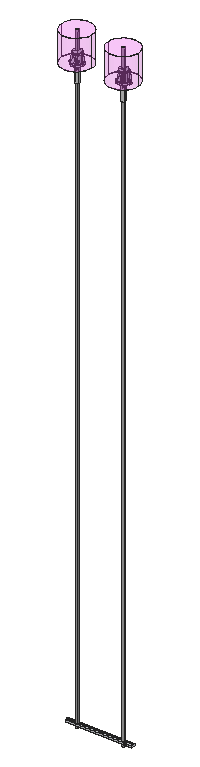
Revit family "TRAPEZE HANGER - PIPES & CONDUIT", category Generic Models, Revit 2019
Family settings
  Can host rebar = No
  Round Connector Dimension = Use Diameter
  Part Type = Normal
  Work Plane-Based = No
  Always vertical = Yes
  Cut with Voids When Loaded = No
  Shared = No
  Room Calculation Point = No
Parameters (values of type "P7000")
  Unistrut Length [instance] = 0' - 10.70469"
  Unistrut Width = 0' - 0 13/16"
  Unistrut Depth = 0' - 0 13/32"
  SLAB THICKNESS [instance] = 0' - 6"
  Outside Pipe Diameter [instance] = 0' - 6 3/4"
  B2B Strut = no
  Anchor Elevation [instance] = 10' - 0"
Types (7): name | Unistrut Width | Unistrut Depth | SLAB THICKNESS | B2B Strut
  P1000 | 0' - 1 5/8" | 0' - 1 5/8" | 0' - 6" | no
  P3300 | 0' - 1 5/8" | 0' - 0 7/8" | 0' - 7.57061" | no
  P1001 | 0' - 1 5/8" | 0' - 1 5/8" | 0' - 7.57061" | yes
  P7001 | 0' - 0 13/16" | 0' - 0 13/32" | 0' - 6" | yes
  MUILTIPLE PIPE HANGER - Trapeze Hanger | 0' - 0 13/16" | 0' - 1 5/8" | 0' - 7.57061" | yes
  P3301 | 0' - 1 5/8" | 0' - 0 7/8" | 0' - 7.57061" | yes
  P7000 | 0' - 0 13/16" | 0' - 0 13/32" | 0' - 6" | no
Reference planes (in)
  plane 1 "Center (Front/Back)": y = 0
  plane 2: z = 0
  plane 3 "Center (Left/Right)": x = 0
  plane 4: z = 120
  plane 5: x = 4.625
  plane 6: x = -4.625
  plane 7: x = 6.625
  plane 8: x = -6.625
  plane 9: z = -3.78125
  plane 10: y = -0.40625
  plane 11: y = 0.40625
  plane 12: x = 3.375
  plane 13: x = -3.375
  plane 14: z = -3.375
  plane 15: z = 3.375
  plane 16: z = -4.28125
  plane 17: z = -4.1875
  plane 18 "bottom of slab": z = 114
  plane 19: z = 115.974
Forms (in)
  Extrusion 1, solid, material "Default"
    sketch origin (3.35234, 0, 0) x (1, 0, 0) y (0, 1, 0)
      loop
        circle (1.27266, 0) r 0.25
    from -4.28125 to 120
  Extrusion 2, solid, material "Default"
    sketch origin (-3.35234, 0, 0) x (1, 0, 0) y (0, 1, 0)
      loop
        circle (-1.27266, 0) r 0.25
    from -4.28125 to 120
  Extrusion 3, solid
    sketch origin (0, 0, 0) x (0, 1, 0) y (0, 0, 1)
      loop
        line (0.40625, -3.375) -> (0.03125, -3.375) -> (0.03125, -3.625) -> (0.15625, -3.625) -> (0.15625, -3.5) -> (0.28125, -3.5) -> (0.28125, -3.65625) -> (-0.28125, -3.65625) -> (-0.28125, -3.5) -> (-0.15625, -3.5) -> (-0.15625, -3.625) -> (-0.03125, -3.625) -> (-0.03125, -3.375) -> (-0.40625, -3.375) -> (-0.40625, -3.78125) -> (0.40625, -3.78125) -> (0.40625, -3.375)
    from 6.625 to -6.625
  Extrusion 4, solid, visible <- "B2B Strut"
    sketch origin (0, 0, -10) x (0, 1, 0) y (0, 0, 1)
      loop
        line (0.40625, 5.8125) -> (0.40625, 6.21875) -> (-0.40625, 6.21875) -> (-0.40625, 5.8125) -> (-0.03125, 5.8125) -> (-0.03125, 6.0625) -> (-0.15625, 6.0625) -> (-0.15625, 5.9375) -> (-0.28125, 5.9375) -> (-0.28125, 6.09375) -> (0.28125, 6.09375) -> (0.28125, 5.9375) -> (0.15625, 5.9375) -> (0.15625, 6.0625) -> (0.03125, 6.0625) -> (0.03125, 5.8125) -> (0.40625, 5.8125)
    from 6.625 to -6.625
Dimensions and locks (in)
  "Anchor Elevation": level to plane 4
  plane 9 to level = 0' - 3 25/32"
  "Unistrut Width": plane 11 to plane 10
  locked: plane 8 to plane 6 at 2
  locked: plane 5 to plane 7 at 2
  "Outside Pipe Diameter": plane 13 to plane 12
  equal spacing: plane 6, plane 3 "Center (Left/Right)", plane 5
  locked: plane 12 to plane 5 at 1.25
  locked: plane 6 to plane 13 at 1.25
  "Unistrut Depth": plane 14 to plane 9
  equal spacing: plane 15, level, plane 14
  "Outside Pipe Diameter": plane 15 to plane 14
  plane 9 to plane 14 = 0' - 0 13/32"
  locked: Extrusion 3 sketch curve to Extrusion 3 sketch curve at 0.125  (x2)
  Extrusion 3 sketch curve to Extrusion 3 sketch curve to Extrusion 3 sketch curve = 0' - 0 1/8" locked, 0' - 0 1/8" locked  (x2)
  locked: plane 9 to plane 16 at 0.5
  equal spacing: plane 11, plane 1 "Center (Front/Back)", plane 10
  Extrusion 4 sketch curve to Extrusion 4 sketch curve to Extrusion 4 sketch curve = 0' - 0 1/8" locked, 0' - 0 1/8" locked  (x4)
  "Unistrut Depth": plane 9 to plane 17
  locked: Extrusion 3 to Extrusion 4 sketch curve at 0.125
  locked: Extrusion 4 sketch curve to Extrusion 4 sketch curve at 0.125  (x2)
  "SLAB THICKNESS": plane 4 to plane 18 "bottom of slab"
  locked: plane 19 to plane 18 "bottom of slab" at 1.974
  aligned and locked: plane 2 to level
  aligned and locked: Extrusion 1 to plane 4
  aligned and locked: Extrusion 2 to plane 4
  aligned and locked: Extrusion 3 sketch curve to plane 14  (x2)
  aligned and locked: plane 7 to Extrusion 3
  aligned and locked: Extrusion 3 to plane 8
  aligned and locked: Extrusion 3 to plane 9  (x2)
  aligned and locked: plane 14 to Extrusion 3  (x3)
  aligned and locked: Extrusion 2 to plane 16
  aligned and locked: Extrusion 1 to plane 16
  aligned and locked: plane 5 to nested 1
  aligned and locked: plane 6 to nested 2
  aligned and locked: plane 1 "Center (Front/Back)" to nested 1
  aligned and locked: nested 2 to plane 1 "Center (Front/Back)"
  aligned and locked: plane 9 to Extrusion 4
  aligned and locked: plane 7 to Extrusion 4
  aligned and locked: Extrusion 4 to plane 8
  aligned and locked: Extrusion 4 sketch curve to plane 17  (x2)
  aligned and locked: plane 9 to Extrusion 4 sketch curve
  aligned and locked: plane 18 "bottom of slab" to nested 3
  aligned and locked: nested 3 to plane 5
  aligned and locked: nested 3 to plane 1 "Center (Front/Back)"
  aligned and locked: plane 18 "bottom of slab" to nested 4
  aligned and locked: plane 18 "bottom of slab" to nested 6
  aligned and locked: nested 3 to plane 18 "bottom of slab"
  aligned and locked: plane 18 "bottom of slab" to nested 5
  aligned and locked: nested 5 to plane 5
  aligned and locked: nested 4 to plane 6
  aligned and locked: nested 6 to plane 6
  aligned and locked: nested 6 to plane 1 "Center (Front/Back)"
  aligned and locked: nested 4 to plane 1 "Center (Front/Back)"
  aligned and locked: nested 5 to plane 1 "Center (Front/Back)"
  aligned and locked: nested 2 to plane 19
  aligned and locked: plane 19 to nested 1
Automatic sketch dimensions
  plane 1 "Center (Front/Back)" to Extrusion 1 sketch curve = 0' - 0"
  Extrusion 1 sketch curve to plane 5 = 0' - 0"
  plane 1 "Center (Front/Back)" to Extrusion 2 sketch curve = 0' - 0"
  Extrusion 2 sketch curve to plane 6 = 0' - 0"
  Extrusion 3 sketch curve to plane 9 = 0' - 0"
  Extrusion 3 sketch curve to plane 10 = 0' - 0"
  Extrusion 3 sketch curve to plane 11 = 0' - 0"
  Extrusion 3 sketch curve to plane 10 = 0' - 0 1/8"
  Extrusion 3 sketch curve to Extrusion 3 sketch curve = 0' - 0 3/8"
  plane 9 to Extrusion 3 sketch curve = 0' - 0 1/8"
  Extrusion 3 sketch curve to plane 14 = 0' - 0 1/4"  (x2)
  Extrusion 4 sketch curve to plane 10 = 0' - 0"
  Extrusion 4 sketch curve to plane 11 = 0' - 0"
  radius of Extrusion 1 sketch curve = 0' - 0 1/4"
  radius of Extrusion 2 sketch curve = 0' - 0 1/4"
Nested families (in)
  nested 1: "GTP" at (4.625, 0, 115.974), type "DEWALT Hanger Pt"
    with PointRole "Stake Out", PointNumber "", PointElement "", PointDescription "Hanger Pt", LinkedParam ""
  nested 2: "GTP" at (-4.625, 0, 115.974) x (-1, 0, 0) z (0, 0, 1), type "DEWALT Hanger Pt"
    with PointRole "Stake Out", PointNumber "", PointElement "", PointDescription "Hanger Pt", LinkedParam ""
  nested 3: "DEWALT Wood Knocker 2" at (4.625, 0, 114) x (-1, 0, 0) z (0, 0, 1), type "Anchor - DEWALT - PFM2521100"
    with Tension Demand 0.00 lbf, Tension DCR 0, Tension Capacity 0.00 lbf, Shear Demand 0.00 lbf, Shear DCR 0, Shear Capacity 0.00 lbf, Prefab ID "", Point Visibility no, Point Description "", Interaction DCR 0, Hanger Assembly ID "1", GTP_PointRole_0 "", GTP_PointNumber_0 "", GTP_PointElement_0 "", GTP_LinkedParam_0 "GTP_PointNumber_0", Deck Elevation 0' - 0", DCR 0, ANCHOR CLEARANCE yes
  nested 4: "DEWALT Wood Knocker 2" at (-4.625, 0, 114) x (-1, 0, 0) z (0, 0, 1), type "Anchor - DEWALT - PFM2521100"
    with Tension Demand 0.00 lbf, Tension DCR 0, Tension Capacity 0.00 lbf, Shear Demand 0.00 lbf, Shear DCR 0, Shear Capacity 0.00 lbf, Prefab ID "", Point Visibility no, Point Description "", Interaction DCR 0, Hanger Assembly ID "1", GTP_PointRole_0 "", GTP_PointNumber_0 "", GTP_PointElement_0 "", GTP_LinkedParam_0 "GTP_PointNumber_0", Deck Elevation 0' - 0", DCR 0, ANCHOR CLEARANCE yes
  nested 5: "TE_BLUE BANGER" at (4.625, 0, 114) x (-1, 0, 0) z (0, 0, 1), type "Default"
    with Tension Demand 0.00 lbf, Tension DCR 0, Tension Capacity 0.00 lbf, Shear Demand 0.00 lbf, Shear DCR 0, Shear Capacity 0.00 lbf, Prefab ID "", Point Visibility no, Point Description "", Interaction DCR 0, Hanger Assembly ID "1", GTP_PointRole_0 "", GTP_PointNumber_0 "", GTP_PointElement_0 "", GTP_LinkedParam_0 "GTP_PointNumber_0", Deck Elevation 0' - 0", DCR 0, ANCHOR CLEARANCE yes
  nested 6: "TE_BLUE BANGER" at (-4.625, 0, 114) x (-1, 0, 0) z (0, 0, 1), type "Default"
    with Tension Demand 0.00 lbf, Tension DCR 0, Tension Capacity 0.00 lbf, Shear Demand 0.00 lbf, Shear DCR 0, Shear Capacity 0.00 lbf, Prefab ID "", Point Visibility no, Point Description "", Interaction DCR 0, Hanger Assembly ID "1", GTP_PointRole_0 "", GTP_PointNumber_0 "", GTP_PointElement_0 "", GTP_LinkedParam_0 "GTP_PointNumber_0", Deck Elevation 0' - 0", DCR 0, ANCHOR CLEARANCE yes
Definition of nested family "GTP"
  Parameters (values of type "DEWALT Hanger Pt")
    URL = "www.gogtp.com"
    PointRole [instance] = "Stake Out"
    PointNumber [instance] = ""
    PointElement [instance] = ""
    PointDescription [instance] = "Hanger Pt"
    Manufacturer = "Get the Point, LLC"
    LinkedParam [instance] = ""
  Reference planes (in)
    plane 1 "Center (Front/Back)": y = 0
    plane 2: z = 0
    plane 3 "Center (Left/Right)": x = 0
  Forms (in)
    Extrusion 1, solid, detail levels medium+fine
      sketch origin (0, 0, 0) x (1, 0, 0) y (0, 1, 0)
        loop
          line (0.5, -0.5) -> (0.5, 0.5) -> (-0.5, 0.5) -> (-0.5, -0.5) -> (0.5, -0.5)
      from -0.5 to 0.5
  Lines and regions (in)
    model lines, detail levels coarse+medium
      curve 1: line (0, 0.5, 0) -> (0, 0, 0)
      curve 2: line (-0.5, 0, 0) -> (0, 0, 0)
      curve 3: line (0, 0, -0.5) -> (0, 0, 0)
      curve 4: line (0, 0, 0) -> (0.5, 0, 0)
      curve 5: line (0, 0, 0) -> (0, -0.5, 0)
      curve 6: line (0, 0, 0) -> (0, 0, 0.5)
Definition of nested family "DEWALT Wood Knocker 2"
  Parameters (values of type "Anchor - DEWALT - PFM2521300")
    ≥ 5/8" = Rod Diameter > 0' 0 1/2"  # yes
    ≤ 1/2" = not([≥ 5/8"])  # no
    Weight = 0.00 lbm
    URL = "http://anchors.dewalt.com/anchors/products/mechanical-anchors/wood-knocker2plus.php"
    UPC = ""
    Type Comments = "DEWALT Wood Knocker 2"
    Tension Demand [instance] = 0.00 lbf
    Tension DCR [instance] = 0
    Tension Capacity [instance] = 0.00 lbf
    Shear Demand [instance] = 0.00 lbf
    Shear DCR [instance] = 0
    Shear Capacity [instance] = 0.00 lbf
    Rod Zone of Influence Radius = 0' - 6"
    Rod Diameter = 0' - 0 3/4"
    Prefab ID [instance] = ""
    Point Visibility [instance] = no
    Point Description [instance] = ""
    Part Number = "PFM2521300"
    Model = "Wood-Knocker®II+"
    Manufacturer = "DeWALT® Anchors & Fasteners"
    Interaction DCR [instance] = 0
    Hanger Assembly ID [instance] = "1"
    HPH = "335RL5101J"
    GTP_PointRole_0 [instance] = ""
    GTP_PointNumber_0 [instance] = ""
    GTP_PointElement_0 [instance] = ""
    GTP_LinkedParam_0 [instance] = "GTP_PointNumber_0"
    Description = "WOODKNOCKER 2 INSERT 0.750"
    Default Elevation = 0' - 0"  # constant formula
    Deck Elevation [instance] = 0' - 0"
    DCR [instance] = 0
    Cost = 3.06
    Anchor Support Recess Depth = 0' - 1 1/8"
    ANCHOR CLEARANCE [instance] = yes
  Types (2): name | ≥ 5/8" | ≤ 1/2" | Rod Diameter | Part Number | HPH | Description | Cost | Anchor Support Recess Depth
    Anchor - DEWALT - PFM2521300 | yes | no | 0' - 0 3/4" | "PFM2521300" | "335RL5101J" | "WOODKNOCKER 2 INSERT 0.750" | 3.06 | 0' - 1 1/8"
    Anchor - DEWALT - PFM2521100 | no | yes | 0' - 0 1/4" | "PFM2521100" | "335RL5101B" | "WOODKNOCKER 2 INSERT 0.250" | 2.03 | 0' - 0 3/8"
  Reference planes (in)
    plane 1 "Center (Front/Back)": y = 0
    plane 2 "REF": z = 0
    plane 3 "Center (Left/Right)": x = 0
    plane 4 "Head Height": z = 1.97441
    plane 5 "Nail Depth": z = -0.83829
    plane 6: z = 0.15748
    plane 7: z = 1.84921
    plane 8 "PointBase": z = -0.64816
    plane 9 "Elevation": z = 0
    plane 10: x = -0.28109
    plane 11: x = 0.67385
    plane 12: x = -0.33604
    plane 13: x = -0.33604
    plane 14: z = 1.125
    plane 15: z = 1.07087
    plane 16: z = 0.46883
    plane 17: z = 1.77953
    plane 18: z = 6
  Forms (in)
    Extrusion 1, solid
      sketch origin (0, 0, 0) x (1, 0, 0) y (0, 1, 0)
        loop
          line (-48, 48) -> (-48, -48) -> (48, -48) -> (48, 48) -> (-48, 48)
      from 0 to -12
    Extrusion 2, solid
      sketch origin (0.1137, 0.04621, 0) x (1, 0, 0) y (0, 1, 0)
        loop
          circle (0.56015, -0.04621) r 0.05494
      from 0 to -0.64816
    Revolve 3, solid
      sketch origin (0.1137, 0, 0) x (1, 0, 0) y (0, 0, 1)
        loop
          line (0.56015, -0.83829) -> (0.61509, -0.64816) -> (0.56015, -0.64816) -> (0.56015, -0.83829)
        axis (0.56015, -0.83829) -> (0.56015, -0.64816)
      angle from 0 to 360
    Extrusion 4, solid
      sketch origin (-0.89618, 0.14479, 0) x (1, 0, 0) y (0, 1, 0)
        loop
          circle (0.56015, 0.43886) r 0.05494
      from 0 to -0.64816
    Revolve 5, solid
      sketch origin (-0.05494, -0.58365, 0) x (-1, 0, 0) y (0, 0, 1)
        loop
          line (0.28109, -0.83829) -> (0.28109, -0.64816) -> (0.22615, -0.64816) -> (0.28109, -0.83829)
        axis (0.28109, -0.83829) -> (0.28109, -0.64816)
      angle from 0 to 360
    Revolve 6, solid
      sketch origin (-0.05494, 0.58365, 0) x (-1, 0, 0) y (0, 0, 1)
        loop
          line (0.28109, -0.83829) -> (0.28109, -0.64816) -> (0.22615, -0.64816) -> (0.28109, -0.83829)
        axis (0.28109, -0.83829) -> (0.28109, -0.64816)
      angle from 0 to 360
    Extrusion 7, solid
      sketch origin (-0.89618, -0.53744, 0) x (1, 0, 0) y (0, 1, 0)
        loop
          circle (0.56015, -0.04621) r 0.05494
      from 0 to -0.64816
    Extrusion 8, solid
      sketch origin (0, 0, 0) x (1, 0, 0) y (0, 1, 0)
        loop
          line (-0.55168, 0.67832) -> (-0.86328, 0.13861) -> (-0.86328, -0.13861) -> (-0.55168, -0.67832) -> (-0.3116, -0.81693) -> (0.3116, -0.81693) -> (0.55168, -0.67832) -> (0.86328, -0.13861) -> (0.86328, 0.13861) -> (0.55168, 0.67832) -> (0.3116, 0.81693) -> (-0.3116, 0.81693) -> (-0.55168, 0.67832)
      from 1.84921 to 1.97441
    Extrusion 9, solid
      sketch origin (0, 0, 0) x (1, 0, 0) y (0, 1, 0)
        loop
          circle (0, 0) r 1.1875
      from 0 to 0.15748
    Extrusion 10, solid
      sketch origin (0, 0, 0) x (1, 0, 0) y (0, 1, 0)
        loop
          arc (0.56216, -0.08377) -> (0.81234, -0.0014) -> (0.56386, 0.08598) r 0.13912
          arc (0.56386, 0.08598) -> (0.28519, 0.49397) -> (-0.20747, 0.53131) r 0.57038
          arc (-0.20747, 0.53131) -> (-0.40689, 0.70309) -> (-0.35474, 0.4451) r 0.13912
          arc (-0.35474, 0.4451) -> (-0.56917, 0) -> (-0.35474, -0.4451) r 0.56917
          arc (-0.35474, -0.4451) -> (-0.40569, -0.70379) -> (-0.20853, -0.52873) r 0.13912
          arc (-0.20853, -0.52873) -> (0.28418, -0.49222) -> (0.56216, -0.08377) r 0.56837
      from 0.15748 to 1.84921
    Blend 11, solid
      base sketch origin (0, 0, 0) x (1, 0, 0) y (0, 1, 0)
        loop
          line (0.81235, -0.03303) -> (1.17835, -0.03303) -> (1.17835, 0.03317) -> (0.81235, 0.03317) -> (0.81235, -0.03303)
      top sketch origin (0, 0, 0) x (1, 0, 0) y (0, 1, 0)
        loop
          line (1.00811, 0.03317) -> (0.81235, 0.03317) -> (0.81235, -0.03303) -> (1.00811, -0.03303) -> (1.00811, 0.03317)
      from 0.15748 to 1.77953
    Blend 12, solid
      base sketch origin (0.24034, 0, 0) x (-1, 0, 0) y (0, -1, 0)
        loop
          line (0.80952, 0.03303) -> (0.80952, -0.03317) -> (1.40102, -0.03317) -> (1.40102, 0.03303) -> (0.80952, 0.03303)
      top sketch origin (0.24034, 0, 0) x (-1, 0, 0) y (0, -1, 0)
        loop
          line (0.88764, -0.03317) -> (0.88764, 0.03303) -> (0.80952, 0.03303) -> (0.80952, -0.03317) -> (0.88764, -0.03317)
      from 0.15748 to 1.07087
    Blend 13, solid
      base sketch origin (0, 0, 0) x (-0.500814, 0.865555, 0) y (-0.865555, -0.500814, 0)
        loop
          line (0.81235, -0.03303) -> (1.17835, -0.03303) -> (1.17835, 0.03317) -> (0.81235, 0.03317) -> (0.81235, -0.03303)
      top sketch origin (0, 0, 0) x (-0.500814, 0.865555, 0) y (-0.865555, -0.500814, 0)
        loop
          line (1.00811, 0.03317) -> (0.81235, 0.03317) -> (0.81235, -0.03303) -> (1.00811, -0.03303) -> (1.00811, 0.03317)
      from 0.15748 to 1.77953
    Blend 14, solid
      base sketch origin (-0.12037, 0.20803, 0) x (0.500814, -0.865555, 0) y (0.865555, 0.500814, 0)
        loop
          line (0.80952, 0.03303) -> (0.80952, -0.03317) -> (1.40102, -0.03317) -> (1.40102, 0.03303) -> (0.80952, 0.03303)
      top sketch origin (-0.12037, 0.20803, 0) x (0.500814, -0.865555, 0) y (0.865555, 0.500814, 0)
        loop
          line (0.88764, -0.03317) -> (0.88764, 0.03303) -> (0.80952, 0.03303) -> (0.80952, -0.03317) -> (0.88764, -0.03317)
      from 0.15748 to 1.07087
    Blend 15, solid
      base sketch origin (0, 0, 0) x (-0.499476, -0.866328, 0) y (0.866328, -0.499476, 0)
        loop
          line (0.81235, -0.03303) -> (1.17835, -0.03303) -> (1.17835, 0.03317) -> (0.81235, 0.03317) -> (0.81235, -0.03303)
      top sketch origin (0, 0, 0) x (-0.499476, -0.866328, 0) y (0.866328, -0.499476, 0)
        loop
          line (1.00811, 0.03317) -> (0.81235, 0.03317) -> (0.81235, -0.03303) -> (1.00811, -0.03303) -> (1.00811, 0.03317)
      from 0.15748 to 1.77953
    Blend 16, solid
      base sketch origin (-0.12005, -0.20822, 0) x (0.499476, 0.866328, 0) y (-0.866328, 0.499476, 0)
        loop
          line (0.80952, 0.03303) -> (0.80952, -0.03317) -> (1.40102, -0.03317) -> (1.40102, 0.03303) -> (0.80952, 0.03303)
      top sketch origin (-0.12005, -0.20822, 0) x (0.499476, 0.866328, 0) y (-0.866328, 0.499476, 0)
        loop
          line (0.88764, -0.03317) -> (0.88764, 0.03303) -> (0.80952, 0.03303) -> (0.80952, -0.03317) -> (0.88764, -0.03317)
      from 0.15748 to 1.07087
    Extrusion 17, solid, visible <- "ANCHOR CLEARANCE"
      sketch origin (0, 0, 0) x (1, 0, 0) y (0, 1, 0)
        loop
          circle (0.00001, 0) r 3
      from 0 to 6
  Dimensions and locks (in)
    plane 7 to plane 6 = 0' - 1.69173"
    plane 4 "Head Height" to plane 7 = 0' - 0.1252"
    plane 8 "PointBase" to plane 5 "Nail Depth" = 0' - 0.19013"
    "Deck Elevation": plane 9 "Elevation" to plane 2 "REF"
    plane 9 "Elevation" to plane 8 "PointBase" = 0' - 0.64816"
    plane 6 to plane 9 "Elevation" = 0' - 0.15748"
    "Anchor Support Recess Depth": plane 14 to plane 9 "Elevation"
    plane 16 to plane 6 = 0' - 0.31135"
    plane 15 to plane 16 = 0' - 0.60203"
    plane 17 to plane 15 = 0' - 0.70866"
    locked: plane 18 to Extrusion 9 at 6
    aligned and locked: plane 2 "REF" to Extrusion 1
    aligned and locked: level to Extrusion 1
    aligned and locked: plane 1 "Center (Front/Back)" to nested 1
    aligned and locked: nested 1 to plane 3 "Center (Left/Right)"
    aligned and locked: plane 8 "PointBase" to Revolve 6
    aligned and locked: plane 8 "PointBase" to Revolve 5
    aligned and locked: Revolve 3 to plane 8 "PointBase"
    aligned and locked: plane 8 "PointBase" to Extrusion 4
    aligned and locked: plane 8 "PointBase" to Extrusion 7
    aligned and locked: plane 8 "PointBase" to Extrusion 2
    aligned and locked: plane 9 "Elevation" to Extrusion 7
    aligned and locked: plane 9 "Elevation" to Extrusion 4
    aligned and locked: plane 9 "Elevation" to Extrusion 2
    aligned and locked: Extrusion 9 to plane 9 "Elevation"
    aligned and locked: Extrusion 10 to plane 6
    aligned and locked: Blend 11 to plane 6
    aligned and locked: plane 6 to Extrusion 9
    aligned and locked: plane 17 to Blend 11
    aligned and locked: plane 7 to Extrusion 10
    aligned and locked: Extrusion 8 to plane 7
    aligned and locked: Extrusion 8 to plane 4 "Head Height"
    aligned and locked: Blend 11 to Blend 15
    aligned and locked: Blend 15 to plane 6
    aligned and locked: plane 17 to Blend 13
    aligned and locked: Blend 13 to plane 6
    aligned and locked: plane 15 to Blend 12
    aligned and locked: plane 15 to Blend 14
    aligned and locked: plane 15 to Blend 16
    aligned and locked: Blend 12 to plane 6
    aligned and locked: Blend 14 to plane 6
    aligned and locked: Blend 16 to plane 6
    aligned and locked: plane 3 "Center (Left/Right)" to nested 2
    aligned and locked: plane 1 "Center (Front/Back)" to nested 2
    aligned and locked: plane 9 "Elevation" to nested 2
    aligned and locked: plane 1 "Center (Front/Back)" to nested 3
    aligned and locked: plane 3 "Center (Left/Right)" to nested 3
    aligned and locked: nested 3 to plane 9 "Elevation"
    aligned and locked: plane 18 to Extrusion 17
    aligned and locked: Extrusion 17 to Extrusion 9
  Automatic sketch dimensions
    Extrusion 1 sketch curve to Extrusion 1 sketch curve = 8' - 0"  (x2)
    plane 1 "Center (Front/Back)" to Extrusion 2 sketch curve = 0' - 0"
    plane 3 "Center (Left/Right)" to Extrusion 2 sketch curve = 0' - 0.67385"
    Revolve 3 sketch curve to plane 8 "PointBase" = 0' - 0"
    plane 11 to Revolve 3 sketch curve = 0' - 0"
    Revolve 3 sketch curve to plane 11 = 0' - 0"
    Revolve 3 sketch curve to plane 5 "Nail Depth" = 0' - 0"  (x2)
    Revolve 3 sketch curve to Revolve 3 sketch curve = 0' - 0.05494"
    Revolve 3 sketch curve to Revolve 3 sketch curve = 0' - 0.02339"
    Extrusion 4 sketch curve to plane 10 = 0' - 0.05494"
    Extrusion 4 sketch curve to plane 1 "Center (Front/Back)" = 0' - 0.58365"
    Revolve 5 sketch curve to plane 8 "PointBase" = 0' - 0"
    plane 10 to Revolve 5 sketch curve = 0' - 0"
    plane 12 to Revolve 5 sketch curve = 0' - 0"
    Revolve 5 sketch curve to plane 5 "Nail Depth" = 0' - 0"  (x2)
    Revolve 5 sketch curve to plane 12 = 0' - 0"
    Revolve 5 sketch curve to Revolve 5 sketch curve = 0' - 0.02339"
    Revolve 6 sketch curve to plane 8 "PointBase" = 0' - 0"
    plane 10 to Revolve 6 sketch curve = 0' - 0"
    plane 13 to Revolve 6 sketch curve = 0' - 0"
    Revolve 6 sketch curve to plane 5 "Nail Depth" = 0' - 0"  (x2)
    Revolve 6 sketch curve to plane 13 = 0' - 0"
    Revolve 6 sketch curve to Revolve 6 sketch curve = 0' - 0.02339"
    Extrusion 7 sketch curve to plane 10 = 0' - 0.05494"
    plane 1 "Center (Front/Back)" to Extrusion 7 sketch curve = 0' - 0.58365"
    Extrusion 8 sketch curve to plane 1 "Center (Front/Back)" = 0' - 0.13861"  (x2)
    Extrusion 8 sketch curve to plane 10 = 0' - 0.58219"
    Extrusion 8 sketch curve to plane 10 = 0' - 0.27059"  (x2)
    Extrusion 8 sketch curve to plane 10 = 0' - 0.03051"  (x2)
    plane 3 "Center (Left/Right)" to Extrusion 8 sketch curve = 0' - 0.3116"  (x2)
    Extrusion 8 sketch curve to Extrusion 8 sketch curve = 0' - 0.24008"  (x2)
    plane 1 "Center (Front/Back)" to Extrusion 8 sketch curve = 0' - 0.13861"  (x2)
    Extrusion 8 sketch curve to Extrusion 8 sketch curve = 0' - 0.3116"
    Extrusion 8 sketch curve to Extrusion 8 sketch curve = 0' - 0.53971"  (x4)
    Extrusion 8 sketch curve to Extrusion 8 sketch curve = 0' - 0.13861"  (x2)
    plane 1 "Center (Front/Back)" to Extrusion 9 sketch curve = 0' - 0"
    Extrusion 9 sketch curve to plane 3 "Center (Left/Right)" = 0' - 0"
    Extrusion 10 sketch curve to Extrusion 10 sketch curve = 0' - 0"  (x6)
    plane 1 "Center (Front/Back)" to Extrusion 10 sketch curve = 0' - 0"  (x2)
    Extrusion 10 sketch curve to plane 3 "Center (Left/Right)" = 0' - 0"
    Extrusion 10 sketch curve to plane 10 = 0' - 0.05552"  (x2)
    Extrusion 10 sketch curve to Extrusion 10 sketch curve = 0' - 0.67323"
    plane 1 "Center (Front/Back)" to Extrusion 10 sketch curve = 0' - 0.58303"
    Extrusion 10 sketch curve to plane 1 "Center (Front/Back)" = 0' - 0.58303"
    plane 10 to Extrusion 10 sketch curve = 0' - 0.07362"
    plane 10 to Extrusion 10 sketch curve = 0' - 0.07256"
    Extrusion 10 sketch curve to plane 10 = 0' - 0.07365"  (x2)
    Extrusion 10 sketch curve to Extrusion 10 sketch curve = 0' - 0.11107"
    Extrusion 10 sketch curve to plane 1 "Center (Front/Back)" = 0' - 0.08598"
    Blend 11 sketch curve to plane 1 "Center (Front/Back)" = 0' - 0.03317"  (x2)
    plane 3 "Center (Left/Right)" to Blend 11 sketch curve = 0' - 0.81235"  (x2)
    plane 1 "Center (Front/Back)" to Blend 11 sketch curve = 0' - 0.03303"  (x2)
    Blend 11 sketch curve to Blend 11 sketch curve = 0' - 0.366"
    Blend 11 sketch curve to Blend 11 sketch curve = 0' - 0.19576"
    plane 1 "Center (Front/Back)" to Blend 12 sketch curve = 0' - 0.03317"  (x2)
    plane 10 to Blend 12 sketch curve = 0' - 0.28808"  (x2)
    Blend 12 sketch curve to plane 1 "Center (Front/Back)" = 0' - 0.03303"  (x2)
    Blend 12 sketch curve to Blend 12 sketch curve = 0' - 0.5915"
    Blend 12 sketch curve to Blend 12 sketch curve = 0' - 0 5/64"
    Blend 13 sketch curve to plane 10 = 0' - 0.15445"  (x2)
    Blend 13 sketch curve to plane 1 "Center (Front/Back)" = 0' - 0.68652"  (x2)
    Blend 13 sketch curve to Blend 13 sketch curve = 0' - 0.366"
    Blend 13 sketch curve to Blend 13 sketch curve = 0' - 0.0662"  (x2)
    Blend 13 sketch curve to Blend 13 sketch curve = 0' - 0.19576"
    Blend 14 sketch curve to plane 3 "Center (Left/Right)" = 0' - 0.25634"  (x2)
    Blend 14 sketch curve to plane 1 "Center (Front/Back)" = 0' - 0.50926"  (x2)
    Blend 14 sketch curve to Blend 14 sketch curve = 0' - 0.5915"
    Blend 14 sketch curve to Blend 14 sketch curve = 0' - 0.0662"  (x2)
    Blend 14 sketch curve to Blend 14 sketch curve = 0' - 0 5/64"
    Blend 15 sketch curve to plane 10 = 0' - 0.09592"  (x2)
    plane 1 "Center (Front/Back)" to Blend 15 sketch curve = 0' - 0.72032"  (x2)
    Blend 15 sketch curve to Blend 15 sketch curve = 0' - 0.366"
    Blend 15 sketch curve to Blend 15 sketch curve = 0' - 0.0662"  (x2)
    Blend 15 sketch curve to Blend 15 sketch curve = 0' - 0.19576"
    Blend 16 sketch curve to plane 3 "Center (Left/Right)" = 0' - 0.31302"  (x2)
    plane 1 "Center (Front/Back)" to Blend 16 sketch curve = 0' - 0.47652"  (x2)
    Blend 16 sketch curve to Blend 16 sketch curve = 0' - 0.5915"
    Blend 16 sketch curve to Blend 16 sketch curve = 0' - 0.0662"  (x2)
    Blend 16 sketch curve to Blend 16 sketch curve = 0' - 0 5/64"
    plane 1 "Center (Front/Back)" to Extrusion 17 sketch curve = 0' - 0"
    plane 3 "Center (Left/Right)" to Extrusion 17 sketch curve = 0' - 0"
    radius of Extrusion 2 sketch curve = 0' - 0.05494"
    radius of Extrusion 4 sketch curve = 0' - 0.05494"
    radius of Extrusion 7 sketch curve = 0' - 0.05494"
    radius of Extrusion 9 sketch curve = 0' - 1 3/16"
    radius of Extrusion 17 sketch curve = 0' - 3"
  Nested families (in)
    nested 1: "Target" at (0, 0, 0) x (0, -1, 0) z (0, 0, 1), type "Target"
    nested 2: "GTP" at (0, 0, 0), PointNumber <- "GTP_PointNumber_0", PointRole <- "GTP_PointRole_0", PointElement <- "GTP_PointElement_0", LinkedParam <- "GTP_LinkedParam_0", PointDescription <- "Point Description", visible <- "Point Visibility", type "DEWALT Hanger Pt"
      with PointRole "", PointNumber "", PointElement "", PointDescription "", LinkedParam "GTP_PointNumber_0"
    nested 3: "Trmb_FieldPoints_MarkerGraphic_Hanger Point" at (0, 0, 0), visible <- "Point Visibility", type "MarkerTFP"
  Definition of nested family "GTP"
    Parameters (values of type "DEWALT Hanger Pt")
      URL = "www.gogtp.com"
      PointRole [instance] = "Stake Out"
      PointNumber [instance] = ""
      PointElement [instance] = ""
      PointDescription [instance] = "Hanger Pt"
      Manufacturer = "Get the Point, LLC"
      LinkedParam [instance] = ""
    Reference planes (in)
      plane 1 "Center (Front/Back)": y = 0
      plane 2: z = 0
      plane 3 "Center (Left/Right)": x = 0
    Forms (in)
      Extrusion 1, solid, detail levels medium+fine
        sketch origin (0, 0, 0) x (1, 0, 0) y (0, 1, 0)
          loop
            line (0.5, -0.5) -> (0.5, 0.5) -> (-0.5, 0.5) -> (-0.5, -0.5) -> (0.5, -0.5)
        from -0.5 to 0.5
    Lines and regions (in)
      model lines, detail levels coarse+medium
        curve 1: line (0, 0.5, 0) -> (0, 0, 0)
        curve 2: line (-0.5, 0, 0) -> (0, 0, 0)
        curve 3: line (0, 0, -0.5) -> (0, 0, 0)
        curve 4: line (0, 0, 0) -> (0.5, 0, 0)
        curve 5: line (0, 0, 0) -> (0, -0.5, 0)
        curve 6: line (0, 0, 0) -> (0, 0, 0.5)
  Definition of nested family "Target"
    Reference planes (in)
      plane 1 "Center (Front/Back)": y = 0
      plane 2: z = 0
      plane 3 "Center (Left/Right)": x = 0
    Lines and regions (in)
      Filled region 1, type "Solid Fill - Black", in view "Ref. Level"
        outline origin (0, 0, 0) x (1, 0, 0) y (0, 1, 0)
          loop
            line (-1, 0) -> (0, 0) -> (0, 1)
            arc (0, 1) -> (-0.70711, 0.70711) -> (-1, 0) r 1
      Filled region 2, type "Solid Fill - Black", in view "Ref. Level"
        outline origin (0, 0, 0) x (1, 0, 0) y (0, 1, 0)
          loop
            arc (0, -1) -> (0.70711, -0.70711) -> (1, 0) r 1
            line (1, 0) -> (0, 0) -> (0, -1)
      detail lines, in view "Ref. Level"
        curve 1: circle (0, 0, 0) r 1 normal (0, 0, 1)
  Definition of nested family "Trmb_FieldPoints_MarkerGraphic_Hanger Point"
    Parameters (values of type "MarkerTFP")
      Default Elevation = 4' - 0"
    Reference planes (in)
      plane 1 "Center (Front/Back)": y = 0
      plane 2: z = 0
      plane 3 "Center (Left/Right)": x = 0
    Lines and regions (in)
      model lines
        curve 1: line (0.00001, 0, 0) -> (0.00001, 1, 0)
        curve 2: line (0.00001, 0, 0) -> (-0.99999, 0, 0)
        curve 3: line (0.00001, 0, 0) -> (0.00001, -1, 0)
        curve 4: line (0.00001, 0, 0) -> (1.00001, 0, 0)
        curve 5: line (0.00001, 0, 0) -> (0.00001, 0, -1)
        curve 11: line (0.00001, 0, 1) -> (0.00001, 0, 0)
      model lines, not visible
        curve 6: line (0, 0, 0) -> (0, 1, 0)
        curve 7: line (0, 0, 0) -> (-1, 0, 0)
        curve 8: line (0, 0, 0) -> (0, -1, 0)
        curve 9: line (0, 0, 0) -> (1, 0, 0)
        curve 10: line (0, 0, 0) -> (0, 0, -1)
        curve 12: line (0, 0, 1) -> (0, 0, 0)
    Dimensions and locks (in)
      aligned and locked: level to plane 2
Definition of nested family "TE_BLUE BANGER"
  Parameters (values of type "Default")
    ≥ 5/8" = Rod Diameter > 0' 0 1/2"  # no
    ≤ 1/2" = not([≥ 5/8"])  # yes
    Weight = 0.00 lbm
    URL = "http://anchors.dewalt.com/anchors/_documents/uploads/bang-itplus_manual.pdf?1477063953"
    UPC = ""
    Tension Demand [instance] = 0.00 lbf
    Tension DCR [instance] = 0
    Tension Capacity [instance] = 0.00 lbf
    Shear Demand [instance] = 0.00 lbf
    Shear DCR [instance] = 0
    Shear Capacity [instance] = 0.00 lbf
    Rod Zone of Influence Radius = 0' - 6"
    Rod Diameter = 0' - 0 1/2"
    Prefab ID [instance] = ""
    Point Visibility [instance] = no
    Point Description [instance] = ""
    Part Number = "7543-1/2"
    Interaction DCR [instance] = 0
    Hanger Assembly ID [instance] = "1"
    HPH = ""
    GTP_PointRole_0 [instance] = ""
    GTP_PointNumber_0 [instance] = ""
    GTP_PointElement_0 [instance] = ""
    GTP_LinkedParam_0 [instance] = "GTP_PointNumber_0"
    Model = "Bang-It®+"
    Manufacturer = "DeWALT® Anchors & Fasteners"
    Description = "Concrete insert for installation in and through metal composite deck."
    Default Elevation = 0' - 0"  # constant formula
    Deck Elevation [instance] = 0' - 0"
    DCR [instance] = 0
    Anchor Support Recess Depth = 0' - 0 11/16"
    ANCHOR CLEARANCE [instance] = yes
  Reference planes (in)
    plane 1 "Center (Front/Back)": y = 0
    plane 2: z = 0
    plane 3 "Center (Left/Right)": x = 0
    plane 4 "REF": z = 0
    plane 5: z = -3.386
    plane 6: z = -3.3
    plane 7: z = 0.075
    plane 8: z = 1.843
    plane 9: z = 1.974
    plane 10: z = 6
  Forms (in)
    Extrusion 1, solid
      sketch origin (0, 0, 0) x (1, 0, 0) y (0, 1, 0)
        loop
          line (-48, 48) -> (-48, -48) -> (48, -48) -> (48, 48) -> (-48, 48)
      from 0 to -12
    Extrusion 2, solid, visible <- "≤ 1/2""
      sketch origin (0, 0, 8.31834) x (1, 0, 0) y (0, 1, 0)
        loop
          line (-0.14119, 0.73659) -> (-0.56731, 0.49057) -> (-0.7085, 0.24602) -> (-0.7085, -0.24602) -> (-0.56731, -0.49057) -> (-0.14119, -0.73659) -> (0.14119, -0.73659) -> (0.56731, -0.49057) -> (0.7085, -0.24602) -> (0.7085, 0.24602) -> (0.56731, 0.49057) -> (0.14119, 0.73659) -> (-0.14119, 0.73659)
      from -6.47534 to -6.34434
    Extrusion 3, solid, visible <- "≤ 1/2""
      sketch origin (0, 0, 6.46934) x (0, -1, 0) y (1, 0, 0)
        loop
          line (-0.75, -0.7104) -> (-0.25, -0.7104) -> (-0.25, -1.375) -> (0.25, -1.375) -> (0.25, -0.7104) -> (0.75, -0.7104) -> (0.75, 0.7104) -> (0.25, 0.7104) -> (0.25, 1.375) -> (-0.25, 1.375) -> (-0.25, 0.7104) -> (-0.75, 0.7104) -> (-0.75, -0.7104)
      from -6.46934 to -6.39434
    Extrusion 4, solid, visible <- "≤ 1/2""
      sketch origin (0, 0, 6.46934) x (0, 1, 0) y (-1, 0, 0)
        loop
          circle (0, 0) r 0.3935
        loop
          circle (0, 0) r 0.3125
      from -9.85534 to -6.46934
    Extrusion 5, solid, visible <- "≥ 5/8""
      sketch origin (0, 0, 8.31234) x (1, 0, 0) y (0, 1, 0)
        loop
          line (-0.55091, 0.6798) -> (-0.86418, 0.1372) -> (-0.86418, -0.1372) -> (-0.55091, -0.6798) -> (-0.31327, -0.817) -> (0.31327, -0.817) -> (0.55091, -0.6798) -> (0.86418, -0.1372) -> (0.86418, 0.1372) -> (0.55091, 0.6798) -> (0.31327, 0.817) -> (-0.31327, 0.817) -> (-0.55091, 0.6798)
      from -6.46934 to -6.33834
    Extrusion 6, solid, visible <- "≥ 5/8""
      sketch origin (0, 0, 6.46934) x (0, -1, 0) y (1, 0, 0)
        loop
          line (-0.75, -1.181) -> (-0.25, -1.181) -> (-0.25, -1.75) -> (0.25, -1.75) -> (0.25, -1.181) -> (0.75, -1.181) -> (0.75, 1.181) -> (0.25, 1.181) -> (0.25, 1.75) -> (-0.25, 1.75) -> (-0.25, 1.181) -> (-0.75, 1.181) -> (-0.75, -1.181)
      from -6.46934 to -6.39434
    Extrusion 7, solid, visible <- "≥ 5/8""
      sketch origin (0, 0, 6.46934) x (1, 0, 0) y (0, 1, 0)
        loop
          circle (0, 0) r 0.561
        loop
          circle (0, 0) r 0.4375
      from -9.76934 to -6.46934
    Extrusion 8, solid, visible <- "≤ 1/2""
      sketch origin (0, 0, 8.39334) x (1, 0, 0) y (0, 1, 0)
        loop
          circle (0, 0) r 0.333
      from -8.31834 to -6.55034
    Extrusion 9, solid, visible <- "≥ 5/8""
      sketch origin (0, 0, 8.38734) x (1, 0, 0) y (0, 1, 0)
        loop
          circle (0, 0) r 0.5
      from -8.31234 to -6.54434
    Extrusion 10, solid, visible <- "ANCHOR CLEARANCE"
      sketch origin (0, 0, 0) x (1, 0, 0) y (0, 1, 0)
        loop
          circle (0.00001, 0) r 3
      from 0 to 6
  Cuts and joins
    joined: Extrusion 5, Extrusion 6, Extrusion 9
    joined: Extrusion 2, Extrusion 3, Extrusion 8
  Dimensions and locks (in)
    "Deck Elevation": plane 4 "REF" to plane 2
    plane 9 to plane 4 "REF" = 0' - 1.974"
    plane 4 "REF" to plane 6 = 0' - 3.3"
    plane 4 "REF" to plane 5 = 0' - 3.386"
    plane 7 to plane 4 "REF" = 0' - 0.075"
    plane 9 to plane 8 = 0' - 0.131"
    locked: plane 10 to cut or joined group of Extrusion 5, Extrusion 6, Extrusion 9 at 6
    aligned and locked: plane 2 to Extrusion 1
    aligned and locked: level to Extrusion 1
    aligned and locked: plane 3 "Center (Left/Right)" to nested 1
    aligned and locked: nested 1 to plane 1 "Center (Front/Back)"
    aligned and locked: Extrusion 4 to plane 5
    aligned and locked: Extrusion 7 to plane 6
    aligned and locked: plane 4 "REF" to Extrusion 4
    aligned and locked: plane 4 "REF" to Extrusion 7
    aligned and locked: plane 7 to cut or joined group of Extrusion 2, Extrusion 3, Extrusion 8
    aligned and locked: plane 7 to cut or joined group of Extrusion 5, Extrusion 6, Extrusion 9
    aligned and locked: cut or joined group of Extrusion 5, Extrusion 6, Extrusion 9 to plane 7
    aligned and locked: cut or joined group of Extrusion 2, Extrusion 3, Extrusion 8 to plane 7
    aligned and locked: plane 9 to cut or joined group of Extrusion 5, Extrusion 6, Extrusion 9
    aligned and locked: plane 9 to cut or joined group of Extrusion 2, Extrusion 3, Extrusion 8
    aligned and locked: plane 8 to cut or joined group of Extrusion 5, Extrusion 6, Extrusion 9
    aligned and locked: cut or joined group of Extrusion 5, Extrusion 6, Extrusion 9 to plane 8
    aligned and locked: cut or joined group of Extrusion 5, Extrusion 6, Extrusion 9 to plane 4 "REF"
    aligned and locked: cut or joined group of Extrusion 2, Extrusion 3, Extrusion 8 to plane 4 "REF"
    aligned and locked: cut or joined group of Extrusion 2, Extrusion 3, Extrusion 8 to plane 8
    aligned and locked: plane 8 to cut or joined group of Extrusion 2, Extrusion 3, Extrusion 8
    aligned and locked: plane 1 "Center (Front/Back)" to nested 2
    aligned and locked: plane 3 "Center (Left/Right)" to nested 2
    aligned and locked: plane 4 "REF" to nested 2
    aligned and locked: plane 3 "Center (Left/Right)" to nested 3
    aligned and locked: plane 1 "Center (Front/Back)" to nested 3
    aligned and locked: nested 3 to plane 4 "REF"
    aligned and locked: Extrusion 10 to cut or joined group of Extrusion 5, Extrusion 6, Extrusion 9
    aligned and locked: plane 10 to Extrusion 10
  Automatic sketch dimensions
    Extrusion 1 sketch curve to Extrusion 1 sketch curve = 8' - 0"  (x2)
    Extrusion 4 sketch curve to Extrusion 4 sketch curve = 0' - 0"  (x2)
    plane 1 "Center (Front/Back)" to Extrusion 4 sketch curve = 0' - 0"
    Extrusion 4 sketch curve to plane 3 "Center (Left/Right)" = 0' - 0"
    Extrusion 7 sketch curve to Extrusion 7 sketch curve = 0' - 0"  (x2)
    plane 1 "Center (Front/Back)" to Extrusion 7 sketch curve = 0' - 0"
    Extrusion 7 sketch curve to plane 3 "Center (Left/Right)" = 0' - 0"
    plane 1 "Center (Front/Back)" to Extrusion 8 sketch curve = 0' - 0"
    Extrusion 8 sketch curve to plane 3 "Center (Left/Right)" = 0' - 0"
    plane 1 "Center (Front/Back)" to Extrusion 9 sketch curve = 0' - 0"
    Extrusion 9 sketch curve to plane 3 "Center (Left/Right)" = 0' - 0"
    Extrusion 5 sketch curve to plane 3 "Center (Left/Right)" = 0' - 0.31327"  (x2)
    Extrusion 5 sketch curve to plane 1 "Center (Front/Back)" = 0' - 0.1372"  (x2)
    plane 3 "Center (Left/Right)" to Extrusion 5 sketch curve = 0' - 0.31327"  (x2)
    Extrusion 5 sketch curve to Extrusion 5 sketch curve = 0' - 0.23764"  (x4)
    plane 1 "Center (Front/Back)" to Extrusion 5 sketch curve = 0' - 0.1372"
    Extrusion 5 sketch curve to Extrusion 5 sketch curve = 0' - 0.54259"  (x2)
    plane 1 "Center (Front/Back)" to Extrusion 5 sketch curve = 0' - 0.6798"
    Extrusion 5 sketch curve to Extrusion 5 sketch curve = 0' - 0.1372"  (x3)
    Extrusion 5 sketch curve to Extrusion 5 sketch curve = 0' - 0.31327"  (x2)
    plane 1 "Center (Front/Back)" to Extrusion 5 sketch curve = 0' - 0.817"
    Extrusion 2 sketch curve to plane 3 "Center (Left/Right)" = 0' - 0.14119"  (x2)
    Extrusion 2 sketch curve to plane 1 "Center (Front/Back)" = 0' - 0.24602"  (x2)
    Extrusion 2 sketch curve to Extrusion 2 sketch curve = 0' - 0.14119"  (x3)
    Extrusion 2 sketch curve to Extrusion 2 sketch curve = 0' - 0.42613"  (x3)
    plane 1 "Center (Front/Back)" to Extrusion 2 sketch curve = 0' - 0.24602"  (x2)
    Extrusion 2 sketch curve to Extrusion 2 sketch curve = 0' - 0.24602"  (x2)
    plane 1 "Center (Front/Back)" to Extrusion 2 sketch curve = 0' - 0.49057"
    plane 3 "Center (Left/Right)" to Extrusion 2 sketch curve = 0' - 0.14119"  (x2)
    Extrusion 2 sketch curve to Extrusion 2 sketch curve = 0' - 0.24454"  (x3)
    Extrusion 3 sketch curve to plane 1 "Center (Front/Back)" = 0' - 0 3/4"
    Extrusion 3 sketch curve to plane 1 "Center (Front/Back)" = 0' - 0 1/4"  (x2)
    plane 1 "Center (Front/Back)" to Extrusion 3 sketch curve = 0' - 0 1/4"  (x2)
    Extrusion 3 sketch curve to Extrusion 3 sketch curve = 0' - 0 1/2"
    Extrusion 3 sketch curve to plane 3 "Center (Left/Right)" = 0' - 1 3/8"
    Extrusion 3 sketch curve to plane 3 "Center (Left/Right)" = 0' - 0.7104"  (x2)
    plane 3 "Center (Left/Right)" to Extrusion 3 sketch curve = 0' - 0.7104"  (x2)
    Extrusion 3 sketch curve to Extrusion 3 sketch curve = 0' - 0"  (x2)
    Extrusion 3 sketch curve to Extrusion 3 sketch curve = 0' - 0.6646"
    Extrusion 6 sketch curve to plane 1 "Center (Front/Back)" = 0' - 0 3/4"
    Extrusion 6 sketch curve to plane 1 "Center (Front/Back)" = 0' - 0 1/4"  (x2)
    plane 1 "Center (Front/Back)" to Extrusion 6 sketch curve = 0' - 0 1/4"  (x2)
    Extrusion 6 sketch curve to Extrusion 6 sketch curve = 0' - 0 1/2"
    Extrusion 6 sketch curve to plane 3 "Center (Left/Right)" = 0' - 1 3/4"
    Extrusion 6 sketch curve to Extrusion 6 sketch curve = 0' - 0.569"  (x3)
    Extrusion 6 sketch curve to Extrusion 6 sketch curve = 0' - 0"  (x3)
    plane 3 "Center (Left/Right)" to Extrusion 6 sketch curve = 0' - 1.181"
    plane 1 "Center (Front/Back)" to Extrusion 10 sketch curve = 0' - 0"
    plane 3 "Center (Left/Right)" to Extrusion 10 sketch curve = 0' - 0"
    radius of Extrusion 4 sketch curve = 0' - 0.3935"
    radius of Extrusion 4 sketch curve = 0' - 0 5/16"
    radius of Extrusion 7 sketch curve = 0' - 0.561"
    radius of Extrusion 7 sketch curve = 0' - 0 7/16"
    radius of Extrusion 8 sketch curve = 0' - 0.333"
    radius of Extrusion 9 sketch curve = 0' - 0 1/2"
    radius of Extrusion 10 sketch curve = 0' - 3"
  Nested families (in)
    nested 1: "Target" at (0, 0, -3.3) x (1, 0, 0) z (0, 0, -1), type "Target"
    nested 2: "GTP" at (0, 0, 0), PointNumber <- "GTP_PointNumber_0", PointRole <- "GTP_PointRole_0", PointElement <- "GTP_PointElement_0", LinkedParam <- "GTP_LinkedParam_0", visible <- "Point Visibility", PointDescription <- "Point Description", type "DEWALT Hanger Pt"
      with PointRole "", PointNumber "", PointElement "", PointDescription "", LinkedParam "GTP_PointNumber_0"
    nested 3: "Trmb_FieldPoints_MarkerGraphic_Hanger Point" at (0, 0, 0), visible <- "Point Visibility", type "MarkerTFP"
  Definition of nested family "GTP"
    Parameters (values of type "DEWALT Hanger Pt")
      URL = "www.gogtp.com"
      PointRole [instance] = "Stake Out"
      PointNumber [instance] = ""
      PointElement [instance] = ""
      PointDescription [instance] = "Hanger Pt"
      Manufacturer = "Get the Point, LLC"
      LinkedParam [instance] = ""
    Reference planes (in)
      plane 1 "Center (Front/Back)": y = 0
      plane 2: z = 0
      plane 3 "Center (Left/Right)": x = 0
    Forms (in)
      Extrusion 1, solid, detail levels medium+fine
        sketch origin (0, 0, 0) x (1, 0, 0) y (0, 1, 0)
          loop
            line (0.5, -0.5) -> (0.5, 0.5) -> (-0.5, 0.5) -> (-0.5, -0.5) -> (0.5, -0.5)
        from -0.5 to 0.5
    Lines and regions (in)
      model lines, detail levels coarse+medium
        curve 1: line (0, 0.5, 0) -> (0, 0, 0)
        curve 2: line (-0.5, 0, 0) -> (0, 0, 0)
        curve 3: line (0, 0, -0.5) -> (0, 0, 0)
        curve 4: line (0, 0, 0) -> (0.5, 0, 0)
        curve 5: line (0, 0, 0) -> (0, -0.5, 0)
        curve 6: line (0, 0, 0) -> (0, 0, 0.5)
  Definition of nested family "Target"
    Reference planes (in)
      plane 1 "Center (Front/Back)": y = 0
      plane 2: z = 0
      plane 3 "Center (Left/Right)": x = 0
    Lines and regions (in)
      Filled region 1, type "Solid Fill - Black", in view "Ref. Level"
        outline origin (0, 0, 0) x (1, 0, 0) y (0, 1, 0)
          loop
            line (-1, 0) -> (0, 0) -> (0, 1)
            arc (0, 1) -> (-0.70711, 0.70711) -> (-1, 0) r 1
      Filled region 2, type "Solid Fill - Black", in view "Ref. Level"
        outline origin (0, 0, 0) x (1, 0, 0) y (0, 1, 0)
          loop
            arc (0, -1) -> (0.70711, -0.70711) -> (1, 0) r 1
            line (1, 0) -> (0, 0) -> (0, -1)
      detail lines, in view "Ref. Level"
        curve 1: circle (0, 0, 0) r 1 normal (0, 0, 1)
  Definition of nested family "Trmb_FieldPoints_MarkerGraphic_Hanger Point"
    Parameters (values of type "MarkerTFP")
      Default Elevation = 4' - 0"
    Reference planes (in)
      plane 1 "Center (Front/Back)": y = 0
      plane 2: z = 0
      plane 3 "Center (Left/Right)": x = 0
    Lines and regions (in)
      model lines
        curve 1: line (0.00001, 0, 0) -> (0.00001, 1, 0)
        curve 2: line (0.00001, 0, 0) -> (-0.99999, 0, 0)
        curve 3: line (0.00001, 0, 0) -> (0.00001, -1, 0)
        curve 4: line (0.00001, 0, 0) -> (1.00001, 0, 0)
        curve 5: line (0.00001, 0, 0) -> (0.00001, 0, -1)
        curve 11: line (0.00001, 0, 1) -> (0.00001, 0, 0)
      model lines, not visible
        curve 6: line (0, 0, 0) -> (0, 1, 0)
        curve 7: line (0, 0, 0) -> (-1, 0, 0)
        curve 8: line (0, 0, 0) -> (0, -1, 0)
        curve 9: line (0, 0, 0) -> (1, 0, 0)
        curve 10: line (0, 0, 0) -> (0, 0, -1)
        curve 12: line (0, 0, 1) -> (0, 0, 0)
    Dimensions and locks (in)
      aligned and locked: level to plane 2
